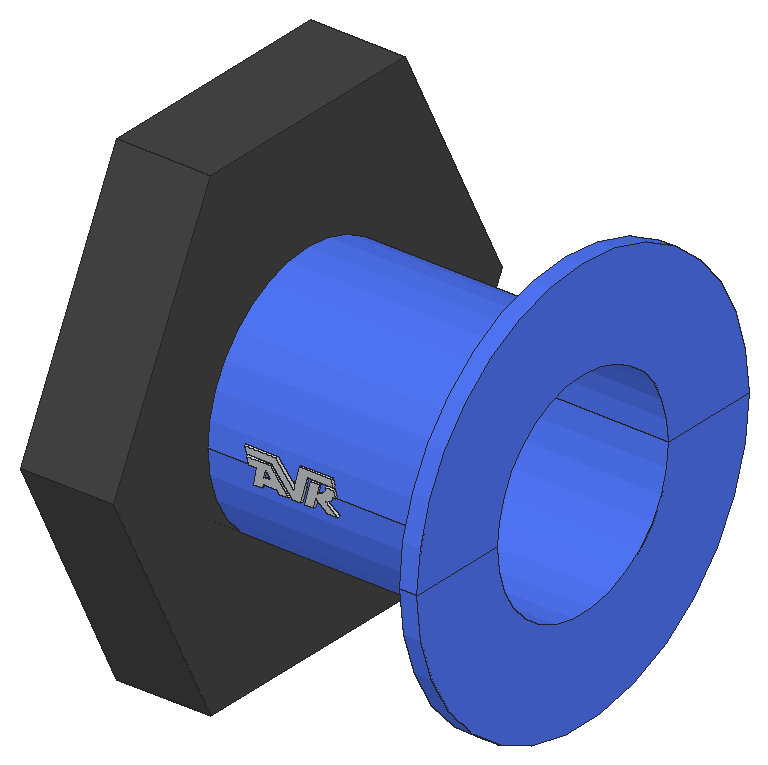
Revit family "633-00-001-DN40-700", category Pipe Accessories, Revit 2019
Family settings
  Round Connector Dimension = Use Diameter
  Part Type = Valve - Breaks Into
  Work Plane-Based = No
  Always vertical = No
  Cut with Voids When Loaded = No
  Shared = No
Parameters (values of type "633-133-00-006_DN100_PN 16")
  Seal_range_ref = Seal_range * 2  # 119.00 mm
  Seal_range = size_lookup(Search_table, "Seal_range", 0.00 mm, DN) / 2  # 59.50 mm
  L_ref = L / 2  # 101.50 mm
  L = size_lookup(Search_table, "L", 0.00 mm, DN)  # 203.00 mm
  ID = size_lookup(Search_table, "DN", 0.00 mm, DN) / 2  # 50.00 mm
  H3_Ref = Seal_range + Body_wallthickness + 5.00 mm  # 74.50 mm
  H3 = size_lookup(Search_table, "H3", 0.00 mm, DN) / 2  # 114.50 mm
  DN = 100.00 mm
  Flange_thickness = size_lookup(Search_table, "Flange_Thickness", 0.00 mm, DN) / 2  # 9.50 mm
  Description_ = "AVK SUPA MAXI™ FLANGE ADAPTOR"
  DN_ref = Seal_range - 1.00 mm  # 58.50 mm
  DN700_PN16 = "633-745-00-006"
  DN600_PN16 = "633-652-00-006"
  DN500_PN16 = "633-552-00-006"
  DN400_PN16 = "633-442-00-006"
  DN150_PN16 = "633-188-00-006"
  DN150_PN 16 = "633-161-01-006"
  DN080_PN16 = "633-133-01-006"
  DN080_PN 16 = "633-106-00-006"
  DN050-065_PN16 = "633-091-00-006"
  DN450_PN16 = "633-510-00-006"
  DN350_PN16 = "633-396-00-006"
  DN040-050_PN16 = "633-071-00-006"
  DN300_PN16 = "633-356-00-006"
  DN250_PN16 = "633-301-00-006"
  DN250_PN 16 = "633-257-00-006"
  DN200_PN 16 = "633-257-01-006"
  DN100_PN 16 = "633-161-00-006"
  DN100_PN16 = "633-133-00-006"
  Search_table = "633-00-001-DN40-700"
  DN200_PN16 = "633-227-00-006"
  D = size_lookup(Search_table, "D", 0.00 mm, DN)  # 268.00 mm
  URL product pages = "https://www.avkvalves.com/P.aspx?no=63307100006"
  Body_wallthickness = 10.00 mm  # constant formula
Types (20, lengths in mm): name | Seal_range_ref | Seal_range | L_ref | L | ID | H3_Ref | H3 | DN | Flange_thickness | DN_ref | D
  (no name) | 119.00 | 59.50 | 101.50 | 203.00 | 50.00 | 74.50 | 114.50 | 100.00 | 9.50 | 58.50 | 268.00
  633-071-00-006_DN040-050_PN16 | 60.00 | 30.00 | 98.50 | 197.00 | 20.25 | 45.00 | 82.50 | 40.50 | 9.50 | 29.00 | 200.00
  633-091-00-006_DN050-065_PN16 | 80.00 | 40.00 | 98.50 | 197.00 | 25.325 | 55.00 | 92.50 | 50.65 | 9.50 | 39.00 | 226.00
  633-106-00-006_DN080_PN 16 | 94.00 | 47.00 | 99.00 | 198.00 | 40.00 | 62.00 | 100.00 | 80.00 | 9.50 | 46.00 | 235.00
  633-133-00-006_DN100_PN 16 | 119.00 | 59.50 | 101.50 | 203.00 | 50.00 | 74.50 | 114.50 | 100.00 | 9.50 | 58.50 | 268.00
  633-161-01-006_DN150_PN 16 | 146.00 | 73.00 | 99.00 | 198.00 | 75.00 | 88.00 | 142.50 | 150.00 | 9.50 | 72.00 | 285.00
  633-188-00-006_DN150_PN16 | 174.00 | 87.00 | 110.00 | 220.00 | 75.05 | 102.00 | 142.50 | 150.10 | 10.00 | 86.00 | 340.00
  633-257-01-006_DN200_PN16 | 246.00 | 123.00 | 122.50 | 245.00 | 100.05 | 138.00 | 171.50 | 200.10 | 13.25 | 122.00 | 437.00
  633-257-00-006_DN250_PN 16 | 246.00 | 123.00 | 122.50 | 245.00 | 125.00 | 138.00 | 203.00 | 250.00 | 12.25 | 122.00 | 437.00
  633-227-00-006_DN200_PN 16 | 210.00 | 105.00 | 121.50 | 243.00 | 100.00 | 120.00 | 171.50 | 200.00 | 11.00 | 104.00 | 389.00
  633-301-00-006_DN250_PN16 | 284.00 | 142.00 | 127.00 | 254.00 | 125.05 | 157.00 | 203.00 | 250.10 | 14.00 | 141.00 | 476.00
  633-356-00-006_DN300_PN16 | 335.00 | 167.50 | 141.00 | 282.00 | 150.00 | 182.50 | 241.50 | 300.00 | 15.00 | 166.50 | 545.00
  633-396-00-006_DN350_PN16 | 376.00 | 188.00 | 209.50 | 419.00 | 175.00 | 203.00 | 270.00 | 350.00 | 15.75 | 187.00 | 612.00
  633-442-00-006_DN400_PN16 | 417.00 | 208.50 | 223.50 | 447.00 | 200.00 | 223.50 | 298.50 | 400.00 | 15.75 | 207.50 | 661.00
  633-510-00-006_DN450_PN16 | 497.00 | 248.50 | 307.00 | 614.00 | 225.00 | 263.50 | 330.00 | 450.00 | 18.00 | 247.50 | 740.00
  633-552-00-006_DN500_PN16 | 525.00 | 262.50 | 302.50 | 605.00 | 250.00 | 277.50 | 367.50 | 500.00 | 18.00 | 261.50 | 772.00
  633-652-00-006_DN600_PN16 | 628.00 | 314.00 | 317.00 | 634.00 | 300.00 | 329.00 | 425.00 | 600.00 | 18.00 | 313.00 | 872.00
  633-745-00-006_DN700_PN16 | 723.00 | 361.50 | 325.00 | 650.00 | 350.00 | 376.50 | 460.00 | 700.00 | 18.00 | 360.50 | 991.00
  633-133-01-006_DN080_PN16 | 119.00 | 59.50 | 105.00 | 210.00 | 40.05 | 74.50 | 100.00 | 80.10 | 9.50 | 58.50 | 268.00
  633-161-00-006_DN100_PN16 | 146.00 | 73.00 | 99.00 | 198.00 | 50.05 | 88.00 | 114.50 | 100.10 | 9.50 | 72.00 | 285.00
Reference planes
  plane 1 "Center (Front/Back)": y = 0
  plane 2: z = 0
  plane 3 "Center (Left/Right)": x = 0
  plane 4: y = 134
  plane 5: y = -134
  plane 6: through (0, 0, 0) normal (0, 0.7071, 0.7071)
  plane 7: through (0, 0, 0) normal (0, 0.7071, -0.7071)
  plane 8: z = 134
  plane 9: z = -134
  plane 10: y = 67
  plane 11: y = -67
  plane 12: x = -101.5
  plane 13: x = -102.598
  plane 14: x = -50.75
  plane 15: z = 114.5
  plane 16: z = -114.5
Forms (mm)
  Revolve 1, solid, material "Plastic"
    sketch origin (0, 0, 0) x (1, 0, 0) y (0, 1, 0)
      loop
        line (-92, 69.5) -> (-92, 74.5) -> (-101.5, 74.5) -> (-101.5, 59.5) -> (101.5, 59.5) -> (101.5, 114.5) -> (92, 114.5) -> (92, 69.5) -> (-92, 69.5)
      axis (-101.5, 0) -> (101.5, 0)
    angle from 0 to 360
  Extrusion 2, solid, material "Aluminum 1100-O"
    sketch origin (0, 0, 0) x (0, 1, 0) y (0, 0, 1)
      loop
        line (134, 0) -> (67, 134) -> (-67, 134) -> (-134, 0) -> (-67, -134) -> (67, -134) -> (134, 0)
      loop
        circle (0, 0) r 58.5
    from -102.598 to -50.75
Dimensions and locks
  equal spacing: Revolve 1 sketch curve, plane 3 "Center (Left/Right)", Revolve 1 sketch curve
  "L": Revolve 1 sketch curve to Revolve 1 sketch curve
  "Seal_range": plane 1 "Center (Front/Back)" to Revolve 1 sketch curve
  "Body_wallthickness": Revolve 1 sketch curve to Revolve 1 sketch curve
  "Flange_thickness": Revolve 1 sketch curve to Revolve 1 sketch curve  (x2)
  equal spacing: plane 4, plane 1 "Center (Front/Back)", plane 5
  "D": plane 4 to plane 5
  equal spacing: plane 8, level, plane 9
  "D": plane 8 to plane 9
  equal spacing: plane 10, plane 1 "Center (Front/Back)", plane 11
  equal spacing: plane 4, plane 10, plane 1 "Center (Front/Back)"
  locked: plane 12 to plane 13 at 1.098
  equal spacing: plane 3 "Center (Left/Right)", plane 14, plane 12
  "H3": plane 1 "Center (Front/Back)" to Revolve 1 sketch curve
  "H3_Ref": plane 1 "Center (Front/Back)" to Revolve 1 sketch curve
  "L_ref": plane 3 "Center (Left/Right)" to plane 12
  Revolve 1 to plane 12 = 203.00 mm
  equal spacing: plane 15, level, plane 16
  plane 15 to plane 16 = 229.00 mm
  "H3": plane 15 to level
  plane 8 to plane 9 = 268.00 mm
  "DN_ref": radius of Extrusion 2 sketch curve
  equal spacing: plane 1 "Center (Front/Back)", plane 7, level
  equal spacing: level, plane 6, plane 1 "Center (Front/Back)"
  aligned and locked: level to plane 2
  aligned and locked: plane 1 "Center (Front/Back)" to Revolve 1 sketch curve
  aligned and locked: plane 8 to Extrusion 2 sketch curve  (x2)
  aligned and locked: plane 10 to Extrusion 2 sketch curve
  aligned and locked: plane 11 to Extrusion 2 sketch curve
  aligned and locked: level to Extrusion 2 sketch curve  (x2)
  aligned and locked: plane 5 to Extrusion 2 sketch curve
  aligned and locked: plane 9 to Extrusion 2 sketch curve  (x2)
  aligned and locked: Extrusion 2 sketch curve to plane 11
  aligned and locked: Extrusion 2 sketch curve to plane 10
  aligned and locked: plane 4 to Extrusion 2 sketch curve
  aligned and locked: Extrusion 2 to plane 13
  aligned and locked: Extrusion 2 to plane 14
  aligned and locked: plane 3 "Center (Left/Right)" to nested 1
Automatic sketch dimensions
  Extrusion 2 sketch curve to level = 0.00 mm
  Extrusion 2 sketch curve to plane 1 "Center (Front/Back)" = 0.00 mm
  Revolve 1 sketch curve to plane 3 "Center (Left/Right)" = 24.00 mm
  plane 3 "Center (Left/Right)" to Revolve 1 sketch curve = 41.00 mm
Nested families
  nested 1: "LOGO - Copy - Copy.0001" at (0, -66.96, -18.616) x (1, 0, 0) z (0, -0.9635, -0.2679), type "LOGO - Copy - Copy.0001"
Connectors
  piping at (101.5, 0, 0), diameter 119, driven by "Seal_range_ref"
    settings: on Revolve 1, index 1, connector inside diameter 609.6 mm, connector length 0.00 mm, flow factor 0, pipe flow 0.0 L/s, pressure drop 0.0 Pa, fitting loss kfactor 0, connector angle 0.00°, fixture units 0, engagement length 0.00 mm, angle of deflection 0.00°, flow configuration 0, flow direction 0, fitting loss method 0, system type 7, joint type 0, gender type 0, connector reference index -1, connector utility 0, adjustable connector no, is connector primary yes, connector description ""
  piping at (-102.598, 0, 0), diameter 119, driven by "Seal_range_ref"
    settings: on Extrusion 2, index 2, connector inside diameter 609.6 mm, connector length 0.00 mm, flow factor 0, pipe flow 0.0 L/s, pressure drop 0.0 Pa, fitting loss kfactor 0, connector angle 0.00°, fixture units 0, engagement length 0.00 mm, angle of deflection 0.00°, flow configuration 0, flow direction 0, fitting loss method 0, system type 7, joint type 0, gender type 0, connector reference index -1, connector utility 0, adjustable connector no, is connector primary no, connector description ""
Definition of nested family "LOGO - Copy - Copy.0001"
  Parameters (values of type "LOGO - Copy - Copy.0001")
    Default Elevation = 1219.20 mm
  Reference planes
    plane 1 "Center (Front/Back)": y = 0
    plane 2: z = 0
    plane 3 "Center (Left/Right)": x = 0
  Forms (mm)
    Extrusion 1, solid
      sketch origin (0, 0, 0) x (1, 0, 0) y (0, 1, 0)
        loop
          line (-1219.2, 1219.2) -> (-1219.2, -1219.2) -> (1219.2, -1219.2) -> (1219.2, 1219.2) -> (-1219.2, 1219.2)
      from 0 to -304.8
    Extrusion 2, solid
      sketch origin (0, 0, 0) x (1, 0, 0) y (0, 1, 0)
        loop
          line (-6.514, 34.224) -> (-24, 34.224) -> (-24, 29.481) -> (-9.766, 29.481) -> (-2.391, 11.367) -> (2.391, 11.367) -> (9.766, 29.481) -> (24, 29.481) -> (24, 34.224) -> (6.514, 34.224) -> (0, 18.224) -> (-6.514, 34.224)
        loop
          line (-10.996, 27.653) -> (-24, 27.653) -> (-24, 23.081) -> (-19.503, 23.081) -> (-24, 11.367) -> (-18.92, 11.367) -> (-17.955, 13.881) -> (-10.51, 13.881) -> (-9.486, 11.367) -> (-4.365, 11.367) -> (-10.996, 27.653)
        loop
          line (-16.777, 18.224) -> (-12.278, 18.224) -> (-14.594, 23.912) -> (-16.777, 18.224)
        loop
          line (4.365, 11.367) -> (9.486, 11.367) -> (12.093, 17.77) -> (16.918, 11.367) -> (22.857, 11.367) -> (17.399, 18.61)
          arc (17.399, 18.61) -> (20.583, 20.18) -> (22.629, 23.081) r 7.2
          line (22.629, 23.081) -> (24, 23.081) -> (24, 27.653) -> (19.429, 27.653)
          arc (19.429, 27.653) -> (17.763, 23.526) -> (13.699, 21.714) r 5.943
          line (13.699, 21.714) -> (16.117, 27.653) -> (10.996, 27.653) -> (4.365, 11.367)
      from 0 to 1
  Dimensions and locks
    aligned and locked: plane 2 to Extrusion 1
    aligned and locked: level to Extrusion 1
    aligned and locked: Extrusion 2 sketch curve to import instance
